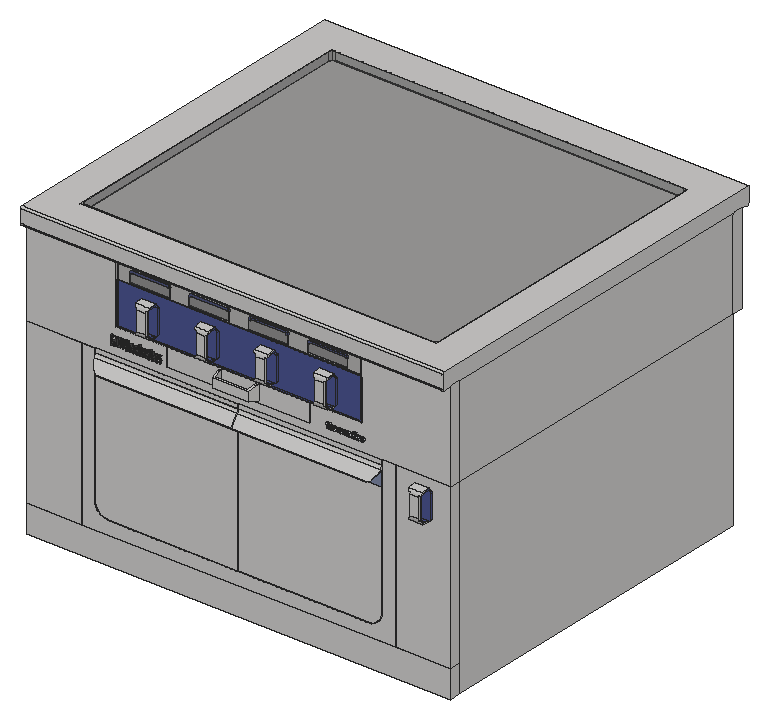
Revit family "QF_ELECTROLUXPROFESSIONAL_589707_MCTHEAJ4AO", category Attrezzature speciali, Revit 2020
Family settings
  Quota connettore circolare = Usa diametro
  Tipo di parte = Normale
  Basato su piano di lavoro = No
  Sempre verticale = Sì
  Taglio con vuoti quando caricato = No
  Condiviso = No
  Punto di calcolo locali = No
Parameters (values of type "Standard")
  Weight = 258.00 kg
  Watts = 18300 W
  Volts = 400 V
  URL Manufacturer = "https://www.electroluxprofessional.com/"
  URL = "https://www.electroluxprofessional.com/"
  Steam Supply Size = 0"
  Steam Supply Minimum Pressure = 0.00 psi
  Steam Supply Maximum Pressure = 0.00 psi
  Steam Consumption per Hour = 0
  Refrigeration Suction Line Size = 0 mm
  Refrigeration Liquid Line Size = 0 mm
  Refrigerant Compressor Remote = yes
  Prospetto di default = 0 mm
  Phase = 3
  Modello = "MCTHEAJ4AO"
  Produttore = "Electrolux Professional"
  Length Actual = 1000 mm  # constant formula
  Item Number = "589707"
  Hot Water Size = 0"
  Height Actual = 700 mm  # constant formula
  HP = "24.5 HP"
  Gas Size = 0"
  Gas KW = 0
  Gas Input Pressure = 0.0 Btu/h
  Direct Waste Size = 0"
  Descrizione = "EL.FREE COOK.WARM.CAB.1S,1000X900X700H"
  Depth Actual = 900 mm  # constant formula
  Cycle = 50 Hz
  Condensate Return Size = 0"
  Compressed Air Volume = 0 GPM
  Compressed Air Size = 0"
  Compressed Air Pressure = 0.00 psi
  Cold Water Size = 0"
  Accessory = yes
Reference planes
  plane 1 "BACK": y = 50
  plane 2: z = 0
  plane 3 "LEFT": x = 0
  plane 4 "RIGHT": x = 1000
  plane 5 "FRONT": y = -850
  plane 6 "TOP": z = 900
  plane 7 "Center (Left/Right)": x = 500
  plane 8: y = -400
  plane 9: z = 200
  plane 10: y = -150
  plane 11 "Panel": y = -805
  plane 12: z = 798
  plane 13: z = 1327
  plane 14: x = 78
  plane 15: x = 922
  plane 16: y = -100
  plane 17: y = -600
  plane 18 "EIx": x = 955
  plane 19 "EIy": y = -635
  plane 20: z = 200
  plane 21 "KnobX": x = 935
Forms (mm)
  Extrusion 1, solid, material "QF_Finishes_Stainless Steel"
    sketch origin (-178.969, -4572, 200) x (-1, 0, 0) y (0, -1, 0)
      loop
        line (-178.969, -4577) -> (-178.969, -3767) -> (-1178.969, -3767) -> (-1178.969, -4577) -> (-178.969, -4577)
    from 450 to 662.969
  Extrusion 2, solid, material "QF_Finishes_Stainless Steel"
    sketch origin (-588.969, -4562, 200) x (-1, 0, 0) y (0, -1, 0)
      loop
        circle (-1543.969, -3927) r 6.35
    from 0 to -11.851
  Extrusion 3, solid, material "QF_Finishes_Stainless Steel"
    sketch origin (500, 296.4, 1219.2) x (0, 1, 0) y (0, 0, 1)
      loop
        line (-246.4, -319.2) -> (-1141.4, -319.2)
        arc (-1141.4, -319.2) -> (-1144.935, -320.664) -> (-1146.4, -324.2) r 5
        line (-1146.4, -324.2) -> (-1146.4, -355.2)
        arc (-1146.4, -355.2) -> (-1144.971, -358.264) -> (-1141.705, -359.139) r 4
        line (-1141.705, -359.139) -> (-1126.4, -356.231) -> (-266.4, -356.231) -> (-251.094, -359.139)
        arc (-251.094, -359.139) -> (-247.829, -358.264) -> (-246.4, -355.2) r 4
        line (-246.4, -355.2) -> (-246.4, -319.2)
    from -500 to 500
  Extrusion 4, solid, material "QF_Finishes_Electrolux_Black Smoke Iluminated"
    sketch origin (0, 0, 900) x (-1, 0, 0) y (0, -1, 0)
      loop
        arc (-90, 30) -> (-82.929, 32.929) -> (-80, 40) r 10
        line (-80, 40) -> (-80, 760)
        arc (-80, 760) -> (-82.929, 767.071) -> (-90, 770) r 10
        line (-90, 770) -> (-911, 770)
        arc (-911, 770) -> (-918.071, 767.071) -> (-921, 760) r 10
        line (-921, 760) -> (-921, 40)
        arc (-921, 40) -> (-918.071, 32.929) -> (-911, 30) r 10
        line (-911, 30) -> (-90, 30)
    from 0 to -20
  Extrusion 5, solid, material "QF_Finishes_Stainless Steel"
    sketch origin (-178.969, -4572, 200) x (-1, 0, 0) y (0, -1, 0)
      loop
        line (-178.969, -4577) -> (-178.969, -3767) -> (-1178.969, -3767) -> (-1178.969, -4577) -> (-178.969, -4577)
    from 450 to 0
  Extrusion 6, void
    sketch origin (0, 0, 900) x (-1, 0, 0) y (0, -1, 0)
      loop
        line (-78, 771) -> (-922, 771) -> (-922, 28) -> (-78, 28) -> (-78, 771)
    from 0 to -25
  Extrusion 7, solid, material "QF_Finishes_Stainless Steel"
    sketch origin (0, 0, 900) x (-1, 0, 0) y (0, -1, 0)
      loop
        arc (-90, 32) -> (-84.343, 34.343) -> (-82, 40) r 8
        line (-82, 40) -> (-82, 760)
        arc (-82, 760) -> (-84.343, 765.657) -> (-90, 768) r 8
        line (-90, 768) -> (-910, 768)
        arc (-910, 768) -> (-915.657, 765.657) -> (-918, 760) r 8
        line (-918, 760) -> (-918, 40)
        arc (-918, 40) -> (-915.657, 34.343) -> (-910, 32) r 8
        line (-910, 32) -> (-90, 32)
    from -20 to -25
  Extrusion 8, solid, material "QF_Finishes_Stainless Steel"
    sketch origin (500, 296.4, 1219.2) x (0, 1, 0) y (0, 0, 1)
      loop
        line (-1101.4, -1019.2) -> (-1101.4, -954.2) -> (-1126.4, -954.2) -> (-1126.4, -1019.2) -> (-1101.4, -1019.2)
    from -500 to 500
  Extrusion 9, solid, material "QF_Finishes_Stainless Steel"
    sketch origin (-40.038, -850, -31.747) x (1, 0, 0) y (0, 0, 1)
      loop
        line (40.038, 681.747) -> (40.038, 296.747) -> (170.038, 296.747) -> (170.038, 681.747) -> (40.038, 681.747)
      loop
        line (1040.038, 681.747) -> (910.038, 681.747) -> (910.038, 296.747) -> (1040.038, 296.747) -> (1040.038, 681.747)
    from -45 to -20
  Extrusion 10, solid, material "QF_Finishes_Stainless Steel"
    sketch origin (-40.038, -850, -31.747) x (1, 0, 0) y (0, 0, 1)
      loop
        line (170.038, 296.747) -> (910.038, 296.747) -> (910.038, 681.747) -> (880.038, 681.747) -> (880.038, 358.747)
        arc (880.038, 358.747) -> (870.665, 336.12) -> (848.038, 326.747) r 32
        line (848.038, 326.747) -> (232.038, 326.747)
        arc (232.038, 326.747) -> (209.41, 336.12) -> (200.038, 358.747) r 32
        line (200.038, 358.747) -> (200.038, 681.747) -> (170.038, 681.747) -> (170.038, 296.747)
    from -45 to -20
  Extrusion 11, solid, material "QF_Finishes_Stainless Steel"
    sketch origin (500, 296.4, 1219.2) x (0, 1, 0) y (0, 0, 1)
      loop
        line (-291.4, -569.2) -> (-266.4, -569.2) -> (-266.4, -356.231) -> (-291.4, -356.231) -> (-291.4, -569.2)
    from 500 to -500
Cuts and joins
  Extrusion 6 cuts Extrusion 3
Lines and regions (mm)
  symbolic lines
    curve 1: line (0, 50, 200) -> (1000, 50, 200)
    curve 2: line (0, -850, 200) -> (0, 50, 200)
    curve 3: line (1000, -850, 200) -> (0, -850, 200)
    curve 4: line (1000, 50, 200) -> (1000, -850, 200)
    curve 5: line (910, -30, 200) -> (90, -30, 200)
    curve 6: line (80, -40, 200) -> (80, -760, 200)
    curve 7: line (90, -770, 200) -> (910, -770, 200)
    curve 8: line (920, -760, 200) -> (920, -40, 200)
    curve 9: arc (90, -30, 200) -> (82.929, -32.929, 200) -> (80, -40, 200) r 10
    curve 10: arc (920, -40, 200) -> (917.071, -32.929, 200) -> (910, -30, 200) r 10
    curve 11: arc (910, -770, 200) -> (917.071, -767.071, 200) -> (920, -760, 200) r 10
    curve 12: arc (80, -760, 200) -> (82.929, -767.071, 200) -> (90, -770, 200) r 10
Dimensions and locks
  plane 3 "LEFT" to plane 4 "RIGHT" = 1000 mm
  plane 5 "FRONT" to plane 1 "BACK" = 900 mm
  plane 3 "LEFT" to plane 7 "Center (Left/Right)" to plane 4 "RIGHT" = 500 mm, 500 mm
  equal spacing: plane 5 "FRONT", plane 8, plane 1 "BACK"
  plane 6 "TOP" to level = 900 mm  (x2)
  plane 9 to level = 200 mm
  plane 1 "BACK" to plane 10 to plane 11 "Panel" = 200 mm, 655 mm  (x2)
  plane 6 "TOP" to plane 9 to level = 700 mm, 200 mm
  plane 1 "BACK" to plane 5 "FRONT" = 900 mm
  plane 1 "BACK" to Extrusion 2 = 685 mm
  plane 12 to plane 9 = 598 mm
  plane 13 to plane 6 "TOP" = 427 mm
  plane 6 "TOP" to plane 12 = 102 mm
  plane 14 to plane 3 "LEFT" = 78 mm
  plane 15 to plane 4 "RIGHT" = 78 mm
  locked: plane 1 "BACK" to plane 16 at 150
  locked: plane 16 to plane 17 at 500
  plane 11 "Panel" to plane 5 "FRONT" = 45 mm
  plane 18 "EIx" to plane 4 "RIGHT" = 45 mm
  plane 19 "EIy" to plane 1 "BACK" = 685 mm
  plane 21 "KnobX" to plane 4 "RIGHT" = 65 mm
  aligned and locked: level to plane 2
  aligned and locked: nested 2 to plane 11 "Panel"
  aligned and locked: plane 3 "LEFT" to nested 2
  aligned and locked: Extrusion 4 sketch curve to curve 5
  aligned and locked: Extrusion 4 sketch curve to curve 7
  aligned and locked: Extrusion 6 sketch curve to plane 14
  aligned and locked: plane 15 to Extrusion 6 sketch curve
Automatic sketch dimensions
  Extrusion 2 sketch curve to plane 18 "EIx" = 0 mm
  Extrusion 2 sketch curve to plane 19 "EIy" = 0 mm
  Extrusion 3 sketch curve to plane 5 "FRONT" = 0 mm
  Extrusion 3 sketch curve to plane 6 "TOP" = 0 mm
  Extrusion 3 sketch curve to plane 1 "BACK" = 0 mm
  Extrusion 3 sketch curve to plane 5 "FRONT" = 4 mm
  Extrusion 3 sketch curve to Extrusion 3 sketch curve = 0.695 mm
  Extrusion 3 sketch curve to plane 5 "FRONT" = 5 mm
  Extrusion 3 sketch curve to Extrusion 3 sketch curve = 15.305 mm
  plane 1 "BACK" to Extrusion 3 sketch curve = 20 mm
  plane 1 "BACK" to Extrusion 3 sketch curve = 4.695 mm
  Extrusion 3 sketch curve to Extrusion 3 sketch curve = 4 mm
  Extrusion 3 sketch curve to Extrusion 3 sketch curve = 31 mm
  Extrusion 3 sketch curve to plane 6 "TOP" = 36 mm
  Extrusion 3 sketch curve to Extrusion 3 sketch curve = 2.909 mm
  plane 15 to Extrusion 4 sketch curve = 1 mm
  Extrusion 4 sketch curve to plane 14 = 2 mm
  plane 15 to Extrusion 4 sketch curve = 11 mm  (x2)
  Extrusion 4 sketch curve to Extrusion 4 sketch curve = 10 mm  (x2)
  Extrusion 6 sketch curve to plane 16 = 72 mm
  plane 11 "Panel" to Extrusion 6 sketch curve = 34 mm
  Extrusion 1 sketch curve to plane 4 "RIGHT" = 0 mm
  Extrusion 1 sketch curve to plane 3 "LEFT" = 0 mm
  Extrusion 1 sketch curve to plane 11 "Panel" = 0 mm
  plane 1 "BACK" to Extrusion 1 sketch curve = 45 mm
  plane 1 "BACK" to curve 1 = 0 mm
  curve 1 to plane 4 "RIGHT" = 0 mm
  plane 15 to curve 8 = 2 mm
  curve 6 to plane 14 = 2 mm
  curve 2 to plane 3 "LEFT" = 0 mm
  plane 5 "FRONT" to curve 3 = 0 mm
  plane 15 to curve 5 = 12 mm
  plane 15 to curve 11 = 12 mm
  curve 5 to plane 14 = 12 mm
  curve 12 to curve 6 = 10 mm
  curve 5 to plane 16 = 70 mm
  plane 17 to curve 11 = 160 mm
  Extrusion 5 sketch curve to plane 4 "RIGHT" = 0 mm
  Extrusion 5 sketch curve to plane 3 "LEFT" = 0 mm
  Extrusion 5 sketch curve to plane 11 "Panel" = 0 mm
  plane 1 "BACK" to Extrusion 5 sketch curve = 45 mm
  Extrusion 8 sketch curve to plane 9 = 0 mm
  Extrusion 8 sketch curve to plane 11 "Panel" = 0 mm
  Extrusion 8 sketch curve to plane 5 "FRONT" = 20 mm
  plane 9 to Extrusion 8 sketch curve = 65 mm
  plane 14 to Extrusion 9 sketch curve = 78 mm
  Extrusion 9 sketch curve to plane 14 = 52 mm
  plane 15 to Extrusion 9 sketch curve = 52 mm
  Extrusion 9 sketch curve to plane 4 "RIGHT" = 0 mm
  plane 9 to Extrusion 9 sketch curve = 65 mm  (x2)
  Extrusion 9 sketch curve to plane 12 = 148 mm  (x2)
  Extrusion 10 sketch curve to plane 14 = 52 mm
  Extrusion 10 sketch curve to Extrusion 10 sketch curve = 30 mm  (x2)
  Extrusion 10 sketch curve to Extrusion 10 sketch curve = 32 mm  (x2)
  plane 15 to Extrusion 10 sketch curve = 114 mm
  plane 15 to Extrusion 10 sketch curve = 52 mm
  plane 9 to Extrusion 10 sketch curve = 65 mm
  Extrusion 10 sketch curve to plane 12 = 148 mm  (x2)
  plane 15 to Extrusion 7 sketch curve = 4 mm
  Extrusion 7 sketch curve to Extrusion 7 sketch curve = 8 mm  (x2)
  Extrusion 7 sketch curve to plane 14 = 12 mm  (x2)
  Extrusion 7 sketch curve to plane 14 = 4 mm
  Extrusion 7 sketch curve to plane 16 = 68 mm
  plane 11 "Panel" to Extrusion 7 sketch curve = 45 mm
  plane 1 "BACK" to Extrusion 11 sketch curve = 45 mm
  plane 1 "BACK" to Extrusion 11 sketch curve = 20 mm
  Extrusion 11 sketch curve to plane 12 = 148 mm
  Extrusion 11 sketch curve to plane 6 "TOP" = 37.031 mm
  radius of Extrusion 2 sketch curve = 6.35 mm
Nested families
  nested 1: "FIT Range Control Handle" at (934.774, -833.137, -372.751), type "FIT Range Control Handle"
  nested 2: "Front_Panel_W1000_Four Knobs" at (202.376, -805, 0), type "Front_Panel_W1000_Four Knobs"
  nested 3: "Warm" at (1000, -800, 0), type "Warm"
  nested 4: "H450H2W1000_2DOOR" at (463.958, -805, 200) x (1, 0, 0) z (0, -1, 0), type "H450H2W1000_2DOOR"
    with Width 680 mm, Wdoor 340 mm, Show Clearance yes
Connectors
  electrical at (955, -635, 188.149)
    settings: on Extrusion 2, index 1, voltage 400 V, apparent load 33000 VA, apparent load phase1 0 VA, apparent load phase2 0 VA, apparent load phase3 0 VA, power factor 1, load classification "Other", number of poles 1, system type 30, power factor state 1, is connector primary yes, connector utility no, sub classification motor no, connector description "ELECTRICAL CONNECTION"
Definition of nested family "FIT Range Control Handle"
  Parameters
    Default Elevation = 0 mm
  Reference planes
    plane 1 "Center (Front/Back)": y = 0
    plane 2: z = 0
    plane 3 "Center (Left/Right)": x = 0
    plane 4: z = 971.092
    plane 5: y = -16.8
  Forms (mm)
    Extrusion 1, solid
      sketch origin (-746.28, 380.497, 208.931) x (-1, 0, 0) y (0, 0, 1)
        loop
          line (-770.101, 786.798) -> (-770.101, 731.649)
          arc (-770.101, 731.649) -> (-769.759, 730.563) -> (-768.855, 729.87) r 1.893
          line (-768.855, 729.87) -> (-763.474, 727.911) -> (-729.81, 727.911) -> (-724.428, 729.87)
          arc (-724.428, 729.87) -> (-723.525, 730.563) -> (-723.183, 731.649) r 1.893
          line (-723.183, 731.649) -> (-723.183, 786.798)
          arc (-723.183, 786.798) -> (-723.529, 787.894) -> (-724.44, 788.593) r 1.91
          line (-724.44, 788.593) -> (-729.683, 790.819) -> (-763.601, 790.819) -> (-768.844, 788.593)
          arc (-768.844, 788.593) -> (-769.755, 787.894) -> (-770.101, 786.798) r 1.91
      from -382.35 to -378.852
    Sweep 2, solid
      path origin (-746.788, 380.496, 208.091) x (0, -1, 0) y (0, 0, 1)
        loop
          line (379.775, 793.281) -> (395.661, 791.048)
          arc (395.661, 791.048) -> (397.781, 787.377) -> (398.517, 783.202) r 12.207
          line (398.517, 783.202) -> (398.517, 737.368)
          arc (398.517, 737.368) -> (397.781, 733.193) -> (395.661, 729.522) r 12.207
          line (395.661, 729.522) -> (379.775, 727.289)
      profile origin (-746.788, -7.222, 1000.256) x (0, -0.139173, 0.990268) y (-1, 0, 0)
        loop
          line (0.782, -763.123) -> (0.782, -730.907) -> (-1.322, -730.907) -> (-1.322, -763.123) -> (0.782, -763.123)
    Sweep 3, solid
      path origin (-746.788, 380.715, 207.832) x (0, -1, 0) y (0, 0, 1)
        loop
          line (380.478, 795.442) -> (397.218, 793.09)
          arc (397.218, 793.09) -> (399.929, 788.473) -> (400.871, 783.202) r 15.207
          line (400.871, 783.202) -> (400.871, 737.584)
          arc (400.871, 737.584) -> (399.914, 732.274) -> (397.164, 727.633) r 15.207
          line (397.164, 727.633) -> (380.601, 725.305)
      profile origin (-746.788, -8.132, 1002.099) x (0, -0.139173, 0.990268) y (-1, 0, 0)
        loop
          line (0.782, -763.123) -> (0.782, -730.907) -> (-1.322, -730.907) -> (-1.322, -763.123) -> (0.782, -763.123)
    Extrusion 4, void
      sketch origin (889.253, 220.666, 207.993) x (1, 0, 0) y (0, 0, 1)
        loop
          line (-943.038, 816.854) -> (-943.038, 703.686) -> (-899.466, 734.196) -> (-899.466, 786.344) -> (-943.038, 816.854)
      from 230.636 to 242.25
    Extrusion 5, void
      sketch origin (-888.8, 220.666, 207.993) x (-1, 0, 0) y (0, 0, -1)
        loop
          line (-943.038, -816.854) -> (-899.466, -786.344) -> (-899.466, -734.196) -> (-943.038, -703.686) -> (-943.038, -816.854)
      from 230.636 to 242.25
    Extrusion 6, solid
      sketch origin (0, 0, 0) x (1, 0, 0) y (0, 0, 1)
        loop
          circle (0, 971.092) r 7.736
      from -3.137 to -1.645
  Cuts and joins
    Extrusion 4, Extrusion 5 cuts Sweep 3
    Extrusion 4, Extrusion 5 cuts Sweep 2
    joined: Extrusion 1, Extrusion 6
  Lines and regions (mm)
    symbolic lines
      curve 1: line (-15.881, -19.189, 0) -> (-15.881, -16.8, 0)
      curve 2: line (16.334, -19.189, 0) -> (16.334, -16.8, 0)
      curve 3: spline (-15.881, -19.189, 0) -> (-15.417, -19.349, 0) -> (-14.951, -19.501, 0) -> (-14.483, -19.646, 0) -> (-14.014, -19.783, 0) -> (-13.543, -19.912, 0) -> (-13.071, -20.033, 0) -> (-12.597, -20.146, 0) -> (-12.122, -20.251, 0) -> (-11.646, -20.349, 0) -> (-11.169, -20.438, 0) -> (-10.691, -20.52, 0) -> (-10.213, -20.593, 0)
      curve 4: spline (10.666, -20.593, 0) -> (11.144, -20.52, 0) -> (11.622, -20.438, 0) -> (12.099, -20.349, 0) -> (12.575, -20.251, 0) -> (13.05, -20.146, 0) -> (13.524, -20.033, 0) -> (13.996, -19.912, 0) -> (14.467, -19.783, 0) -> (14.936, -19.646, 0) -> (15.404, -19.501, 0) -> (15.87, -19.349, 0) -> (16.334, -19.189, 0)
      curve 5: line (-10.213, -20.938, 0) -> (10.716, -20.938, 0)
  Dimensions and locks
    cut or joined group of Sweep 3, Extrusion 4, Extrusion 5 to cut or joined group of Sweep 3, Extrusion 4, Extrusion 5 = 71.686 mm
Definition of nested family "Front_Panel_W1000_Four Knobs"
  Parameters
    Default Elevation = 0 mm
  Reference planes
    plane 1 "Center (Front/Back)": y = 0
    plane 2: z = 0
    plane 3 "Center (Left/Right)": x = 297.624
    plane 4 "Left": x = -202.376
    plane 5 "Right": x = 797.624
    plane 6: y = -45
    plane 7: x = 87.624
    plane 8: x = 227.624
    plane 9: y = -310
    plane 10: y = -25
    plane 11: x = -2.376
    plane 12: x = 367.624
    plane 13: x = 507.624
    plane 14: x = 594.715
  Forms (mm)
    Extrusion 1, solid
      sketch origin (833.217, 829.203, -1.25) x (0, 1, 0) y (0, 0, 1)
        loop
          line (-854.203, 651.25) -> (-829.203, 651.25) -> (-829.203, 864.25) -> (-854.203, 864.25) -> (-854.203, 651.25)
      from -1035.593 to -35.593
    Extrusion 2, void
      sketch origin (0, 0, 0) x (1, 0, 0) y (0, 0, 1)
        loop
          line (7.624, 853.866) -> (7.624, 711.866) -> (587.624, 711.866) -> (587.624, 853.866) -> (7.624, 853.866)
      from 19.387 to 33.951
    Extrusion 3, void
      sketch origin (0, 0, 0) x (1, 0, 0) y (0, 0, 1)
        loop
          line (128.624, 711.866) -> (128.624, 668.866) -> (466.624, 668.866) -> (466.624, 711.866) -> (128.624, 711.866)
      from 19.387 to 25
    Extrusion 4, solid
      sketch origin (150, 0, 1) x (1, 0, 0) y (0, 0, 1)
        loop
          line (-21.376, 710.866) -> (-21.376, 667.866) -> (316.624, 667.866) -> (316.624, 710.866) -> (-21.376, 710.866)
      from 19.387 to 25
    Extrusion 5, solid
      sketch origin (150, 0, 1) x (1, 0, 0) y (0, 1, 0)
        loop
          line (106.059, -25) -> (100.966, -25) -> (105.646, -49.075) -> (189.603, -49.075) -> (194.283, -25) -> (189.189, -25) -> (185.481, -44.075) -> (109.767, -44.075) -> (106.059, -25)
      from 672.593 to 705.67
    Extrusion 6, void
      sketch origin (297.624, 0, 1) x (0, 1, 0) y (0, 0, 1)
        loop
          line (-30, 705.67) -> (-30, 710.67) -> (-56.744, 710.67) -> (-56.744, 667.593) -> (-30, 667.593) -> (-30, 672.593) -> (-53.776, 680.318) -> (-53.776, 697.945) -> (-30, 705.67)
      from -50 to 50
    Extrusion 7, solid, detail levels coarse
      sketch origin (150, -265, 1) x (1, 0, 0) y (0, 1, 0)
        loop
          line (106.164, -71.744) -> (189.084, -71.744) -> (194.283, -45) -> (316.624, -45) -> (316.624, 240) -> (-21.376, 240) -> (-21.376, -45) -> (100.966, -45) -> (106.164, -71.744)
      from 672.593 to 705.67
    Extrusion 8, void
      sketch origin (297.624, -280, 1) x (0, 1, 0) y (0, 0, 1)
        loop
          line (-30, 705.67) -> (-30, 710.67) -> (-56.744, 710.67) -> (-56.744, 667.593) -> (-30, 667.593) -> (-30, 672.593) -> (-53.776, 680.318) -> (-53.776, 697.945) -> (-30, 705.67)
      from -50 to 50
  Cuts and joins
    Extrusion 2, Extrusion 3 cuts Extrusion 1
    Extrusion 6 cuts Extrusion 5
    Extrusion 6, Extrusion 8 cuts Extrusion 7
  Lines and regions (mm)
    symbolic lines
      curve 1: line (128.624, -45, 0) -> (128.624, -310, 0)
      curve 2: line (128.624, -310, 0) -> (466.624, -310, 0)
      curve 3: line (466.624, -310, 0) -> (466.624, -45, 0)
      curve 4: line (128.624, -300, 0) -> (466.624, -300, 0)
      curve 5: line (250.908, -309.701, 0) -> (255.587, -333.776, 0)
      curve 6: line (255.587, -333.776, 0) -> (339.545, -333.776, 0)
      curve 7: line (339.545, -333.776, 0) -> (344.225, -309.701, 0)
      curve 8: line (256.001, -309.701, 0) -> (259.709, -328.776, 0)
      curve 9: line (259.709, -328.776, 0) -> (335.423, -328.776, 0)
      curve 10: line (335.423, -328.776, 0) -> (339.131, -309.701, 0)
  Dimensions and locks
    equal spacing: plane 5 "Right", plane 3 "Center (Left/Right)", plane 4 "Left"
    plane 5 "Right" to plane 4 "Left" = 1000 mm
    plane 3 "Center (Left/Right)" to plane 7 = 210 mm
    plane 3 "Center (Left/Right)" to plane 8 = 70 mm
    plane 6 to plane 9 = 265 mm
    plane 13 to plane 3 "Center (Left/Right)" = 210 mm
    plane 12 to plane 3 "Center (Left/Right)" = 70 mm
    aligned and locked: cut or joined group of Extrusion 1, Extrusion 2, Extrusion 3 to plane 4 "Left"
    aligned and locked: plane 5 "Right" to cut or joined group of Extrusion 1, Extrusion 2, Extrusion 3
    aligned and locked: plane 3 "Center (Left/Right)" to nested 2
    aligned and locked: cut or joined group of Extrusion 1, Extrusion 2, Extrusion 3 to nested 2
  Automatic sketch dimensions
    plane 7 to Extrusion 3 sketch curve = 41 mm
    plane 3 "Center (Left/Right)" to Extrusion 3 sketch curve = 169 mm
    level to Extrusion 3 sketch curve = 668.866 mm
    Extrusion 3 sketch curve to Extrusion 3 sketch curve = 43 mm
    Extrusion 1 sketch curve to plane 1 "Center (Front/Back)" = 0 mm
    level to Extrusion 1 sketch curve = 650 mm
    plane 4 "Left" to Extrusion 2 sketch curve = 210 mm
    Extrusion 2 sketch curve to plane 5 "Right" = 210 mm
    level to Extrusion 2 sketch curve = 711.866 mm
    Extrusion 2 sketch curve to Extrusion 2 sketch curve = 142 mm
    plane 6 to curve 1 = 0 mm
    plane 6 to curve 3 = 0 mm
    plane 9 to curve 1 = 0 mm
    plane 7 to curve 1 = 41 mm
    curve 1 to curve 4 = 10 mm
    Extrusion 1 sketch curve to plane 6 = 20 mm
    Extrusion 1 sketch curve to Extrusion 1 sketch curve = 213 mm
    plane 7 to Extrusion 4 sketch curve = 41 mm
    Extrusion 4 sketch curve to plane 13 = 41 mm
    level to Extrusion 4 sketch curve = 668.866 mm
    Extrusion 4 sketch curve to Extrusion 4 sketch curve = 43 mm
    plane 10 to Extrusion 5 sketch curve = 0 mm  (x2)
    plane 8 to Extrusion 5 sketch curve = 23.342 mm
    plane 6 to Extrusion 5 sketch curve = 4.075 mm
    Extrusion 5 sketch curve to Extrusion 5 sketch curve = 4.68 mm
    Extrusion 5 sketch curve to Extrusion 5 sketch curve = 5.094 mm  (x2)
    Extrusion 5 sketch curve to plane 6 = 0.925 mm
    Extrusion 5 sketch curve to Extrusion 5 sketch curve = 4.122 mm  (x2)
    Extrusion 5 sketch curve to plane 12 = 32.143 mm
    Extrusion 5 sketch curve to Extrusion 5 sketch curve = 3.708 mm
    plane 6 to Extrusion 6 sketch curve = 11.744 mm
    plane 6 to Extrusion 6 sketch curve = 8.776 mm
    plane 10 to Extrusion 6 sketch curve = 5 mm  (x2)
    level to Extrusion 6 sketch curve = 668.593 mm
    Extrusion 6 sketch curve to Extrusion 6 sketch curve = 5 mm
    Extrusion 6 sketch curve to Extrusion 6 sketch curve = 12.725 mm  (x2)
    Extrusion 6 sketch curve to Extrusion 6 sketch curve = 17.627 mm
    Extrusion 6 sketch curve to Extrusion 6 sketch curve = 7.725 mm
    plane 10 to Extrusion 7 sketch curve = 0 mm
    Extrusion 7 sketch curve to plane 9 = 0 mm  (x2)
    plane 7 to Extrusion 7 sketch curve = 41 mm
    plane 8 to Extrusion 7 sketch curve = 23.342 mm
    Extrusion 7 sketch curve to Extrusion 7 sketch curve = 5.199 mm
    Extrusion 7 sketch curve to plane 12 = 28.54 mm
    Extrusion 7 sketch curve to plane 12 = 23.342 mm
    Extrusion 7 sketch curve to plane 13 = 41 mm
    Extrusion 7 sketch curve to plane 9 = 26.744 mm
    Extrusion 8 sketch curve to plane 9 = 0 mm  (x2)
    Extrusion 8 sketch curve to plane 9 = 23.776 mm
    Extrusion 8 sketch curve to Extrusion 8 sketch curve = 2.968 mm
    level to Extrusion 8 sketch curve = 668.593 mm
    Extrusion 8 sketch curve to Extrusion 8 sketch curve = 5 mm
    Extrusion 8 sketch curve to Extrusion 8 sketch curve = 12.725 mm  (x2)
    Extrusion 8 sketch curve to Extrusion 8 sketch curve = 17.627 mm
    Extrusion 8 sketch curve to Extrusion 8 sketch curve = 7.725 mm
    curve 3 to plane 13 = 41 mm
    plane 9 to curve 5 = 0.299 mm
    plane 8 to curve 5 = 23.283 mm
    curve 5 to curve 5 = 4.68 mm
    plane 9 to curve 8 = 0.299 mm
    curve 5 to curve 8 = 5.094 mm
    curve 5 to curve 9 = 4.122 mm
    curve 9 to plane 12 = 32.201 mm
    plane 9 to curve 10 = 0.299 mm
    curve 9 to curve 10 = 3.708 mm
    curve 9 to curve 7 = 4.122 mm
    plane 9 to curve 7 = 0.299 mm
    curve 10 to curve 7 = 5.094 mm
    curve 9 to plane 9 = 18.776 mm
    curve 6 to curve 8 = 5 mm
  Nested families
    nested 1: "Range Control Handle" at (87.624, -28.137, -209.113) x (-1, 0, 0) z (0, 0, 1), type "Range Control Handle"
    nested 2: "Front glass control panel W1000" at (297.624, 280.644, 2.752), type "Front glass control panel W1000"
    nested 3: "Range Control Handle" at (227.624, -28.137, -209.113) x (-1, 0, 0) z (0, 0, 1), type "Range Control Handle"
    nested 4: "Range Control Handle" at (367.624, -28.137, -209.113), type "Range Control Handle"
    nested 5: "Range Control Handle" at (507.624, -28.137, -209.113), type "Range Control Handle"
    nested 6: "ELX_ThermaLine_Small" at (546.122, -25, 679.426) x (1, 0, 0) z (0, -1, 0), type "ELX_ThermaLine_Small"
      with Show Logo yes, Material_Logo none
    nested 7: "ELX_Professional_Logo_Small" at (57.11, -25, 681.659) x (1, 0, 0) z (0, -1, 0), type "ELX_Professional_Logo_Small"
      with Show Logo yes, Material_Logo none
  Definition of nested family "Range Control Handle"
    Parameters
      Default Elevation = 0 mm
    Reference planes
      plane 1 "Center (Front/Back)": y = 0
      plane 2: z = 0
      plane 3 "Center (Left/Right)": x = 0
      plane 4: z = 971.092
      plane 5: y = -16.9
    Forms (mm)
      Extrusion 1, solid
        sketch origin (-746.28, 380.497, 208.931) x (-1, 0, 0) y (0, 0, 1)
          loop
            line (-770.101, 786.798) -> (-770.101, 731.649)
            arc (-770.101, 731.649) -> (-769.759, 730.563) -> (-768.855, 729.87) r 1.893
            line (-768.855, 729.87) -> (-763.474, 727.911) -> (-729.81, 727.911) -> (-724.428, 729.87)
            arc (-724.428, 729.87) -> (-723.525, 730.563) -> (-723.183, 731.649) r 1.893
            line (-723.183, 731.649) -> (-723.183, 786.798)
            arc (-723.183, 786.798) -> (-723.529, 787.894) -> (-724.44, 788.593) r 1.91
            line (-724.44, 788.593) -> (-729.683, 790.819) -> (-763.601, 790.819) -> (-768.844, 788.593)
            arc (-768.844, 788.593) -> (-769.755, 787.894) -> (-770.101, 786.798) r 1.91
        from -382.35 to -378.852
      Sweep 2, solid
        path origin (-746.788, 380.496, 208.091) x (0, -1, 0) y (0, 0, 1)
          loop
            line (379.775, 793.281) -> (395.661, 791.048)
            arc (395.661, 791.048) -> (397.781, 787.377) -> (398.517, 783.202) r 12.207
            line (398.517, 783.202) -> (398.517, 737.368)
            arc (398.517, 737.368) -> (397.781, 733.193) -> (395.661, 729.522) r 12.207
            line (395.661, 729.522) -> (379.775, 727.289)
        profile origin (-746.788, -7.222, 1000.256) x (0, -0.139173, 0.990268) y (-1, 0, 0)
          loop
            line (0.782, -763.123) -> (0.782, -730.907) -> (-1.322, -730.907) -> (-1.322, -763.123) -> (0.782, -763.123)
      Sweep 3, solid
        path origin (-746.788, 380.715, 207.832) x (0, -1, 0) y (0, 0, 1)
          loop
            line (380.478, 795.442) -> (397.218, 793.09)
            arc (397.218, 793.09) -> (399.929, 788.473) -> (400.871, 783.202) r 15.207
            line (400.871, 783.202) -> (400.871, 737.584)
            arc (400.871, 737.584) -> (399.914, 732.274) -> (397.164, 727.633) r 15.207
            line (397.164, 727.633) -> (380.601, 725.305)
        profile origin (-746.788, -8.132, 1002.099) x (0, -0.139173, 0.990268) y (-1, 0, 0)
          loop
            line (0.782, -763.123) -> (0.782, -730.907) -> (-1.322, -730.907) -> (-1.322, -763.123) -> (0.782, -763.123)
      Extrusion 4, void
        sketch origin (889.253, 220.666, 207.993) x (1, 0, 0) y (0, 0, 1)
          loop
            line (-943.038, 816.854) -> (-943.038, 703.686) -> (-899.466, 734.196) -> (-899.466, 786.344) -> (-943.038, 816.854)
        from 230.636 to 242.25
      Extrusion 5, void
        sketch origin (-888.8, 220.666, 207.993) x (-1, 0, 0) y (0, 0, -1)
          loop
            line (-943.038, -816.854) -> (-899.466, -786.344) -> (-899.466, -734.196) -> (-943.038, -703.686) -> (-943.038, -816.854)
        from 230.636 to 242.25
      Extrusion 6, solid
        sketch origin (0, 0, 0) x (1, 0, 0) y (0, 0, 1)
          loop
            circle (0, 971.092) r 7.736
        from -3.137 to -1.645
    Cuts and joins
      Extrusion 4, Extrusion 5 cuts Sweep 3
      Extrusion 4, Extrusion 5 cuts Sweep 2
      joined: Extrusion 1, Extrusion 6
    Lines and regions (mm)
      symbolic lines
        curve 1: line (16.334, -16.9, 0) -> (16.334, -19.227, 0)
        curve 2: spline (16.334, -19.227, 0) -> (15.87, -19.385, 0) -> (15.404, -19.536, 0) -> (14.936, -19.678, 0) -> (14.466, -19.813, 0) -> (13.995, -19.94, 0) -> (13.523, -20.059, 0) -> (13.049, -20.171, 0) -> (12.575, -20.274, 0) -> (12.099, -20.37, 0) -> (11.622, -20.458, 0) -> (11.144, -20.537, 0) -> (10.666, -20.609, 0)
        curve 3: line (10.666, -16.9, 0) -> (10.666, -20.938, 0)
        curve 4: line (-10.213, -20.938, 0) -> (10.666, -20.938, 0)
        curve 5: line (-10.213, -20.938, 0) -> (-10.213, -16.9, 0)
        curve 6: spline (-10.213, -20.609, 0) -> (-10.691, -20.537, 0) -> (-11.169, -20.458, 0) -> (-11.646, -20.37, 0) -> (-12.122, -20.274, 0) -> (-12.597, -20.171, 0) -> (-13.07, -20.059, 0) -> (-13.542, -19.94, 0) -> (-14.013, -19.813, 0) -> (-14.483, -19.678, 0) -> (-14.951, -19.536, 0) -> (-15.417, -19.385, 0) -> (-15.881, -19.227, 0)
        curve 7: line (-15.881, -19.227, 0) -> (-15.881, -16.9, 0)
  Definition of nested family "Front glass control panel W1000"
    Parameters
      Default Elevation = 0 mm
    Reference planes
      plane 1 "Center (Front/Back)": y = 0
      plane 2: z = 0
      plane 3 "Center (Left/Right)": x = 0
    Forms (mm)
      Extrusion 1, solid
        sketch origin (378.286, 0, 0.617) x (1, 0, 0) y (0, 0, 1)
          loop
            line (-668.286, 806.791) -> (-668.286, 708.497) -> (-88.286, 708.497) -> (-88.286, 806.791) -> (-668.286, 806.791)
        from 300.031 to 304.8
      Extrusion 2, solid
        sketch origin (378.286, 0, 0.617) x (1, 0, 0) y (0, 0, 1)
          loop
            line (-668.286, 850.497) -> (-668.286, 806.791) -> (-88.286, 806.791) -> (-88.286, 850.497) -> (-668.286, 850.497)
        from 300.031 to 304.8
      Extrusion 3, void
        sketch origin (378.286, 0, 0.617) x (1, 0, 0) y (0, 0, 1)
          loop
            line (-665.628, 847.565) -> (-665.628, 710.699) -> (-91.196, 710.699) -> (-91.196, 847.565) -> (-665.628, 847.565)
        from 303.697 to 304.8
      Extrusion 4, solid
        sketch origin (-378.333, 1.101, -0.633) x (-1, 0, 0) y (0, 0, -1)
          loop
            line (-261.431, -812.62) -> (-355.186, -812.62) -> (-355.186, -834.177) -> (-350.269, -834.177) -> (-348.469, -835.977) -> (-268.039, -835.977) -> (-266.24, -834.177) -> (-261.431, -834.177) -> (-261.431, -812.62)
        from 304.798 to 306.745
      Extrusion 5, solid
        sketch origin (-378.333, 1.101, -0.633) x (-1, 0, 0) y (0, 0, -1)
          loop
            line (-350.269, -834.177) -> (-355.078, -834.177)
            arc (-355.078, -834.177) -> (-353.942, -838.747) -> (-349.686, -840.763) r 5.5
            line (-349.686, -840.763) -> (-266.98, -840.763)
            arc (-266.98, -840.763) -> (-262.706, -838.752) -> (-261.529, -834.177) r 5.549
            line (-261.529, -834.177) -> (-266.24, -834.177) -> (-268.039, -835.977) -> (-348.469, -835.977) -> (-350.269, -834.177)
        from 304.798 to 306.745
      Extrusion 6, solid
        sketch origin (-518.333, 1.101, -0.633) x (-1, 0, 0) y (0, 0, -1)
          loop
            line (-261.431, -812.62) -> (-355.186, -812.62) -> (-355.186, -834.177) -> (-350.269, -834.177) -> (-348.469, -835.977) -> (-268.039, -835.977) -> (-266.24, -834.177) -> (-261.431, -834.177) -> (-261.431, -812.62)
        from 304.798 to 306.745
      Extrusion 7, solid
        sketch origin (-518.333, 1.101, -0.633) x (-1, 0, 0) y (0, 0, -1)
          loop
            line (-350.269, -834.177) -> (-355.078, -834.177)
            arc (-355.078, -834.177) -> (-353.942, -838.747) -> (-349.686, -840.763) r 5.5
            line (-349.686, -840.763) -> (-266.98, -840.763)
            arc (-266.98, -840.763) -> (-262.706, -838.752) -> (-261.529, -834.177) r 5.549
            line (-261.529, -834.177) -> (-266.24, -834.177) -> (-268.039, -835.977) -> (-348.469, -835.977) -> (-350.269, -834.177)
        from 304.798 to 306.745
      Extrusion 8, solid
        sketch origin (378.333, 1.101, -0.633) x (1, 0, 0) y (0, 0, 1)
          loop
            line (-261.431, 812.62) -> (-261.431, 834.177) -> (-266.24, 834.177) -> (-268.039, 835.977) -> (-348.469, 835.977) -> (-350.269, 834.177) -> (-355.186, 834.177) -> (-355.186, 812.62) -> (-261.431, 812.62)
        from 304.798 to 306.745
      Extrusion 9, solid
        sketch origin (378.333, 1.101, -0.633) x (1, 0, 0) y (0, 0, 1)
          loop
            line (-350.269, 834.177) -> (-348.469, 835.977) -> (-268.039, 835.977) -> (-266.24, 834.177) -> (-261.529, 834.177)
            arc (-261.529, 834.177) -> (-262.706, 838.752) -> (-266.98, 840.763) r 5.549
            line (-266.98, 840.763) -> (-349.686, 840.763)
            arc (-349.686, 840.763) -> (-353.942, 838.747) -> (-355.078, 834.177) r 5.5
            line (-355.078, 834.177) -> (-350.269, 834.177)
        from 304.798 to 306.745
      Extrusion 10, solid
        sketch origin (518.333, 1.101, -0.633) x (1, 0, 0) y (0, 0, 1)
          loop
            line (-261.431, 812.62) -> (-261.431, 834.177) -> (-266.24, 834.177) -> (-268.039, 835.977) -> (-348.469, 835.977) -> (-350.269, 834.177) -> (-355.186, 834.177) -> (-355.186, 812.62) -> (-261.431, 812.62)
        from 304.798 to 306.745
      Extrusion 11, solid
        sketch origin (518.333, 1.101, -0.633) x (1, 0, 0) y (0, 0, 1)
          loop
            line (-350.269, 834.177) -> (-348.469, 835.977) -> (-268.039, 835.977) -> (-266.24, 834.177) -> (-261.529, 834.177)
            arc (-261.529, 834.177) -> (-262.706, 838.752) -> (-266.98, 840.763) r 5.549
            line (-266.98, 840.763) -> (-349.686, 840.763)
            arc (-349.686, 840.763) -> (-353.942, 838.747) -> (-355.078, 834.177) r 5.5
            line (-355.078, 834.177) -> (-350.269, 834.177)
        from 304.798 to 306.745
    Cuts and joins
      Extrusion 3 cuts Extrusion 1
      Extrusion 3 cuts Extrusion 2
    Dimensions and locks
      aligned and locked: Extrusion 1 to Extrusion 2
      aligned and locked: Extrusion 5 sketch curve to Extrusion 4  (x5)
      aligned and locked: Extrusion 5 to Extrusion 4
      aligned and locked: Extrusion 7 sketch curve to Extrusion 6  (x5)
      aligned and locked: Extrusion 7 to Extrusion 6
      aligned and locked: Extrusion 9 sketch curve to Extrusion 8  (x4)
      aligned and locked: Extrusion 8 to Extrusion 9 sketch curve
      aligned and locked: Extrusion 9 to Extrusion 8
      aligned and locked: Extrusion 11 sketch curve to Extrusion 10  (x4)
      aligned and locked: Extrusion 10 to Extrusion 11 sketch curve
      aligned and locked: Extrusion 11 to Extrusion 10
  Definition of nested family "ELX_ThermaLine_Small"
    Parameters
      Show Logo [instance] = yes
      Material_Logo [instance] = none
      Default Elevation = 0 mm
    Reference planes
      plane 1 "Centro (Fronte/Retro)": y = 0
      plane 2: z = 0
      plane 3 "Centro (Sinistra/Destra)": x = 0
    Forms (mm)
      Extrusion 1, solid
        sketch origin (0, 0, 0) x (1, 0, 0) y (0, 1, 0)
          loop
            line (-1219.2, 1219.2) -> (-1219.2, -1219.2) -> (1219.2, -1219.2) -> (1219.2, 1219.2) -> (-1219.2, 1219.2)
        from 0 to -304.8
      Extrusion 2, solid
        sketch origin (0, 0, 0) x (1, 0, 0) y (0, 1, 0)
          loop
            line (-37.494, 1.229) -> (-35.908, 1.229) -> (-35.908, 3.066) -> (-37.494, 3.066) -> (-37.494, 6.221) -> (-39.867, 4.881) -> (-39.867, 3.066) -> (-40.969, 3.066) -> (-40.969, 1.229) -> (-39.867, 1.229) -> (-39.867, -3.407)
            arc (-39.867, -3.407) -> (-38.982, -5.513) -> (-36.751, -6.001) r 2.478
            line (-36.751, -6.001) -> (-35.638, -5.7) -> (-35.9, -3.835) -> (-36.661, -4.039)
            arc (-36.661, -4.039) -> (-37.236, -3.924) -> (-37.494, -3.399) r 0.662
            line (-37.494, -3.399) -> (-37.494, 1.229)
          loop
            line (-34.242, 6.539) -> (-34.242, -5.848) -> (-31.854, -5.848) -> (-31.854, -0.078)
            arc (-31.854, -0.078) -> (-30.939, 1.249) -> (-29.33, 1.367) r 1.866
            arc (-29.33, 1.367) -> (-28.695, 0.768) -> (-28.461, -0.073) r 1.627
            line (-28.461, -0.073) -> (-28.461, -5.848) -> (-26.086, -5.848) -> (-26.064, -0.46)
            arc (-26.064, -0.46) -> (-26.261, 0.932) -> (-26.786, 2.237) r 5.825
            arc (-26.786, 2.237) -> (-29.381, 3.264) -> (-31.854, 1.971) r 3.353
            line (-31.854, 1.971) -> (-31.854, 6.539) -> (-34.242, 6.539)
          loop
            arc (-18.398, -0.598) -> (-18.893, 0.879) -> (-20.326, 1.487) r 1.897
            arc (-20.326, 1.487) -> (-21.461, 0.708) -> (-21.897, -0.598) r 2.164
            line (-21.897, -0.598) -> (-18.398, -0.598)
          loop
            arc (-16.021, -2.044) -> (-16.754, 1.227) -> (-19.444, 3.226) r 4.814
            arc (-19.444, 3.226) -> (-22.137, 2.788) -> (-23.943, 0.743) r 4.054
            arc (-23.943, 0.743) -> (-24.382, -1.249) -> (-24.162, -3.276) r 6.289
            arc (-24.162, -3.276) -> (-23.302, -4.71) -> (-21.958, -5.705) r 4.28
            arc (-21.958, -5.705) -> (-18.558, -5.814) -> (-16.152, -3.409) r 4.28
            line (-16.152, -3.409) -> (-18.5, -2.995)
            arc (-18.5, -2.995) -> (-19.273, -3.994) -> (-20.533, -4.076) r 1.536
            arc (-20.533, -4.076) -> (-21.56, -3.281) -> (-21.958, -2.044) r 2.197
            line (-21.958, -2.044) -> (-16.021, -2.044)
          loop
            line (-14.165, -5.848) -> (-11.819, -5.848) -> (-11.819, -2.138)
            arc (-11.819, -2.138) -> (-11.787, -1.156) -> (-11.637, -0.185) r 8.18
            arc (-11.637, -0.185) -> (-10.644, 0.972) -> (-9.132, 0.776) r 1.603
            line (-9.132, 0.776) -> (-8.419, 2.846)
            arc (-8.419, 2.846) -> (-10.432, 3.118) -> (-11.994, 1.821) r 2.527
            line (-11.994, 1.821) -> (-11.994, 3.094) -> (-14.165, 3.094) -> (-14.165, -5.848)
          loop
            line (-7.579, 3.094) -> (-7.579, -5.848) -> (-5.178, -5.848) -> (-5.178, -0.756)
            arc (-5.178, -0.756) -> (-4.727, 0.679) -> (-3.417, 1.419) r 2.05
            arc (-3.417, 1.419) -> (-2.499, 0.908) -> (-2.155, -0.085) r 1.471
            line (-2.155, -0.085) -> (-2.155, -5.848) -> (0.23, -5.848) -> (0.23, -1.001)
            arc (0.23, -1.001) -> (0.47, 0.127) -> (1.148, 1.061) r 2.775
            arc (1.148, 1.061) -> (2.225, 1.329) -> (3.05, 0.587) r 1.182
            arc (3.05, 0.587) -> (3.199, -0.019) -> (3.214, -0.642) r 2.894
            line (3.214, -0.642) -> (3.214, -5.848) -> (5.601, -5.848) -> (5.601, 0.261)
            arc (5.601, 0.261) -> (4.87, 2.263) -> (2.976, 3.241) r 2.932
            arc (2.976, 3.241) -> (1.284, 2.973) -> (-0.047, 1.896) r 3.309
            arc (-0.047, 1.896) -> (-1.116, 2.865) -> (-2.506, 3.258) r 3.16
            arc (-2.506, 3.258) -> (-4.105, 2.942) -> (-5.376, 1.92) r 3.419
            line (-5.376, 1.92) -> (-5.376, 3.094) -> (-7.579, 3.094)
          loop
            line (7.583, 0.738) -> (9.702, 0.364)
            arc (9.702, 0.364) -> (11.441, 1.492) -> (12.855, -0.023) r 1.613
            line (12.855, -0.023) -> (9.782, -0.789)
            arc (9.782, -0.789) -> (8.559, -1.346) -> (7.617, -2.305) r 3.687
            arc (7.617, -2.305) -> (7.499, -3.681) -> (7.901, -5.003) r 3.651
            arc (7.901, -5.003) -> (9.107, -5.766) -> (10.515, -6.006) r 3.635
            arc (10.515, -6.006) -> (11.898, -5.697) -> (13.067, -4.895) r 3.734
            line (13.067, -4.895) -> (13.376, -5.848) -> (15.75, -5.848) -> (15.212, -4.193) -> (15.212, 0.38)
            arc (15.212, 0.38) -> (14.897, 1.849) -> (13.818, 2.895) r 2.585
            arc (13.818, 2.895) -> (11.792, 3.442) -> (9.719, 3.11) r 5.005
            arc (9.719, 3.11) -> (8.369, 2.178) -> (7.583, 0.738) r 3.54
          loop
            line (19.723, -5.848) -> (22.233, -5.848) -> (24.854, 6.484) -> (22.345, 6.484) -> (19.723, -5.848)
          loop
            line (24.583, -5.848) -> (26.953, -5.848) -> (28.848, 3.066) -> (26.478, 3.066) -> (24.583, -5.848)
          loop
            line (27.204, 6.484) -> (26.741, 4.305) -> (29.111, 4.305) -> (29.575, 6.484) -> (27.204, 6.484)
          loop
            line (29.355, -5.848) -> (31.849, -5.848) -> (33.098, 0.028)
            arc (33.098, 0.028) -> (34.169, 1.306) -> (35.832, 1.422) r 2.132
            arc (35.832, 1.422) -> (36.324, 0.752) -> (36.383, -0.078) r 1.5
            line (36.383, -0.078) -> (35.157, -5.848) -> (37.536, -5.848) -> (38.936, 0.738)
            arc (38.936, 0.738) -> (38.775, 2.091) -> (37.825, 3.066) r 2.118
            arc (37.825, 3.066) -> (35.392, 3.175) -> (33.295, 1.937) r 4.271
            line (33.295, 1.937) -> (33.535, 3.066) -> (31.25, 3.066) -> (29.355, -5.848)
          loop
            line (42.792, -0.64) -> (46.589, -0.64)
            arc (46.589, -0.64) -> (46.639, 0.124) -> (46.327, 0.823) r 1.589
            arc (46.327, 0.823) -> (45.117, 1.521) -> (43.762, 1.183) r 1.865
            arc (43.762, 1.183) -> (43.141, 0.344) -> (42.792, -0.64) r 3.538
          loop
            line (42.565, -2.138) -> (48.593, -2.138)
            arc (48.593, -2.138) -> (48.58, 0.597) -> (46.983, 2.818) r 4.494
            arc (46.983, 2.818) -> (44.191, 3.28) -> (41.725, 1.891) r 4.26
            arc (41.725, 1.891) -> (40.503, -0.3) -> (40.284, -2.799) r 6.003
            arc (40.284, -2.799) -> (40.959, -4.468) -> (42.377, -5.576) r 3.482
            arc (42.377, -5.576) -> (44.265, -5.961) -> (46.152, -5.576) r 4.823
            arc (46.152, -5.576) -> (47.432, -4.731) -> (48.328, -3.485) r 4.245
            line (48.328, -3.485) -> (46.168, -3.105)
            arc (46.168, -3.105) -> (45.214, -4.072) -> (43.859, -4.181) r 1.953
            arc (43.859, -4.181) -> (42.821, -3.408) -> (42.565, -2.138) r 1.81
          loop
            line (12.868, -1.553) -> (10.216, -2.214)
            arc (10.216, -2.214) -> (9.747, -3.136) -> (10.216, -4.058) r 1.14
            arc (10.216, -4.058) -> (11.537, -4.249) -> (12.614, -3.46) r 1.763
            arc (12.614, -3.46) -> (12.858, -2.522) -> (12.868, -1.553) r 3.97
        from 0 to 1.6
    Dimensions and locks
      aligned and locked: plane 2 to Extrusion 1
      aligned and locked: level to Extrusion 1
  Definition of nested family "ELX_Professional_Logo_Small"
    Parameters
      Show Logo [instance] = yes
      Material_Logo [instance] = none
      Default Elevation = 0 mm
    Reference planes
      plane 1 "Centro (Fronte/Retro)": y = 0
      plane 2: z = 0
      plane 3 "Centro (Sinistra/Destra)": x = 0
    Forms (mm)
      Extrusion 1, solid
        sketch origin (0, 0, 0) x (1, 0, 0) y (0, 1, 0)
          loop
            line (-1219.2, 1219.2) -> (-1219.2, -1219.2) -> (1219.2, -1219.2) -> (1219.2, 1219.2) -> (-1219.2, 1219.2)
        from 0 to -304.8
      Extrusion 2, solid, material <- "Material_Logo"
        sketch origin (15.5, 0, 0) x (1, 0, 0) y (0, 1, 0)
          loop
            spline (-42.99, -1.24) -> (-43.195, -1.231) -> (-43.415, -1.203) -> (-43.642, -1.152) -> (-43.87, -1.074) -> (-44.095, -0.966) -> (-44.309, -0.825) -> (-44.506, -0.647) -> (-44.681, -0.429) -> (-44.828, -0.167) -> (-44.94, 0.142) -> (-45.011, 0.501) -> (-45.037, 0.915)
            line (-45.037, 0.915) -> (-45.037, 2.748) -> (-38.984, 2.748) -> (-38.984, 5.086) -> (-45.038, 5.086) -> (-45.038, 8.489) -> (-38.599, 8.489) -> (-38.599, 10.82) -> (-47.515, 10.82) -> (-47.515, 1.021)
            spline (-47.515, 1.021) -> (-47.493, 0.418) -> (-47.425, -0.15) -> (-47.311, -0.682) -> (-47.15, -1.175) -> (-46.939, -1.628) -> (-46.678, -2.038) -> (-46.365, -2.404) -> (-46, -2.723) -> (-45.58, -2.995) -> (-45.105, -3.216) -> (-44.573, -3.385) -> (-43.983, -3.499)
            line (-43.983, -3.499) -> (-43.01, -3.569) -> (-38.426, -3.569) -> (-38.426, -1.24) -> (-42.99, -1.24)
          loop
            line (-36.666, 4.021) -> (-36.666, -3.573) -> (-34.188, -3.573) -> (-34.188, 10.824) -> (-36.666, 10.824) -> (-36.666, 4.021)
          loop
            spline (-21.915, 1.897) -> (-21.957, 2.615) -> (-22.082, 3.303) -> (-22.285, 3.955) -> (-22.563, 4.564) -> (-22.913, 5.124) -> (-23.331, 5.629) -> (-23.814, 6.074) -> (-24.359, 6.451) -> (-24.961, 6.755) -> (-25.618, 6.98) -> (-26.326, 7.119) -> (-27.081, 7.167)
            spline (-27.081, 7.167) -> (-27.853, 7.122) -> (-28.586, 6.99) -> (-29.275, 6.774) -> (-29.915, 6.478) -> (-30.5, 6.104) -> (-31.024, 5.657) -> (-31.483, 5.138) -> (-31.871, 4.553) -> (-32.182, 3.904) -> (-32.411, 3.194) -> (-32.552, 2.427) -> (-32.6, 1.606)
            spline (-32.6, 1.606) -> (-32.553, 0.805) -> (-32.416, 0.057) -> (-32.193, -0.637) -> (-31.887, -1.271) -> (-31.504, -1.843) -> (-31.048, -2.35) -> (-30.523, -2.788) -> (-29.934, -3.154) -> (-29.284, -3.444) -> (-28.579, -3.656) -> (-27.822, -3.785) -> (-27.019, -3.829)
            spline (-27.019, -3.829) -> (-26.627, -3.82) -> (-26.239, -3.79) -> (-25.856, -3.739) -> (-25.477, -3.663) -> (-25.103, -3.562) -> (-24.734, -3.432) -> (-24.369, -3.273) -> (-24.01, -3.082) -> (-23.655, -2.858) -> (-23.305, -2.597) -> (-22.96, -2.299) -> (-22.621, -1.962)
            line (-22.621, -1.962) -> (-24.114, -0.509)
            spline (-24.114, -0.509) -> (-24.311, -0.699) -> (-24.509, -0.872) -> (-24.71, -1.03) -> (-24.915, -1.172) -> (-25.126, -1.297) -> (-25.346, -1.407) -> (-25.576, -1.5) -> (-25.817, -1.576) -> (-26.072, -1.636) -> (-26.342, -1.678) -> (-26.629, -1.704) -> (-26.936, -1.713)
            spline (-26.936, -1.713) -> (-27.384, -1.691) -> (-27.805, -1.625) -> (-28.196, -1.518) -> (-28.556, -1.372) -> (-28.882, -1.187) -> (-29.174, -0.966) -> (-29.429, -0.71) -> (-29.645, -0.422) -> (-29.821, -0.102) -> (-29.955, 0.247) -> (-30.045, 0.623) -> (-30.089, 1.026)
            line (-30.089, 1.026) -> (-21.956, 1.026) -> (-21.915, 1.897)
          loop
            spline (-24.446, 2.769) -> (-24.47, 3.075) -> (-24.54, 3.37) -> (-24.654, 3.65) -> (-24.807, 3.913) -> (-24.996, 4.156) -> (-25.219, 4.376) -> (-25.472, 4.57) -> (-25.753, 4.736) -> (-26.057, 4.869) -> (-26.382, 4.968) -> (-26.724, 5.03) -> (-27.081, 5.051)
            spline (-27.081, 5.051) -> (-27.464, 5.03) -> (-27.832, 4.97) -> (-28.183, 4.872) -> (-28.513, 4.74) -> (-28.819, 4.577) -> (-29.099, 4.384) -> (-29.347, 4.165) -> (-29.563, 3.923) -> (-29.742, 3.659) -> (-29.881, 3.377) -> (-29.977, 3.079) -> (-30.027, 2.769)
            line (-30.027, 2.769) -> (-24.446, 2.769)
          loop
            spline (-18.167, 1.669) -> (-18.138, 2.13) -> (-18.055, 2.567) -> (-17.921, 2.978) -> (-17.739, 3.358) -> (-17.512, 3.705) -> (-17.243, 4.016) -> (-16.937, 4.287) -> (-16.596, 4.517) -> (-16.223, 4.7) -> (-15.823, 4.835) -> (-15.398, 4.919) -> (-14.951, 4.947)
            spline (-14.951, 4.947) -> (-14.677, 4.938) -> (-14.414, 4.913) -> (-14.162, 4.871) -> (-13.921, 4.812) -> (-13.69, 4.738) -> (-13.467, 4.649) -> (-13.254, 4.544) -> (-13.048, 4.424) -> (-12.85, 4.291) -> (-12.659, 4.143) -> (-12.474, 3.981) -> (-12.295, 3.806)
            line (-12.295, 3.806) -> (-10.76, 5.403)
            spline (-10.76, 5.403) -> (-11.065, 5.709) -> (-11.38, 5.984) -> (-11.703, 6.228) -> (-12.035, 6.443) -> (-12.375, 6.63) -> (-12.723, 6.788) -> (-13.078, 6.92) -> (-13.44, 7.026) -> (-13.809, 7.107) -> (-14.184, 7.164) -> (-14.564, 7.198) -> (-14.951, 7.209)
            spline (-14.951, 7.209) -> (-15.725, 7.161) -> (-16.467, 7.02) -> (-17.169, 6.792) -> (-17.826, 6.482) -> (-18.43, 6.096) -> (-18.976, 5.637) -> (-19.455, 5.112) -> (-19.862, 4.525) -> (-20.19, 3.882) -> (-20.433, 3.189) -> (-20.584, 2.449) -> (-20.635, 1.669)
            spline (-20.635, 1.669) -> (-20.584, 0.889) -> (-20.433, 0.149) -> (-20.19, -0.545) -> (-19.862, -1.187) -> (-19.455, -1.774) -> (-18.976, -2.299) -> (-18.43, -2.758) -> (-17.826, -3.145) -> (-17.169, -3.454) -> (-16.467, -3.682) -> (-15.725, -3.823) -> (-14.951, -3.871)
            spline (-14.951, -3.871) -> (-14.564, -3.86) -> (-14.184, -3.826) -> (-13.809, -3.77) -> (-13.44, -3.689) -> (-13.078, -3.583) -> (-12.723, -3.451) -> (-12.375, -3.292) -> (-12.035, -3.105) -> (-11.703, -2.89) -> (-11.38, -2.646) -> (-11.065, -2.371) -> (-10.76, -2.066)
            line (-10.76, -2.066) -> (-12.295, -0.468)
            spline (-12.295, -0.468) -> (-12.474, -0.643) -> (-12.659, -0.805) -> (-12.85, -0.953) -> (-13.048, -1.087) -> (-13.254, -1.206) -> (-13.467, -1.311) -> (-13.69, -1.4) -> (-13.921, -1.475) -> (-14.162, -1.533) -> (-14.414, -1.575) -> (-14.677, -1.6) -> (-14.951, -1.609)
            spline (-14.951, -1.609) -> (-15.398, -1.581) -> (-15.823, -1.497) -> (-16.223, -1.362) -> (-16.596, -1.179) -> (-16.937, -0.95) -> (-17.243, -0.678) -> (-17.512, -0.367) -> (-17.739, -0.02) -> (-17.921, 0.36) -> (-18.055, 0.771) -> (-18.138, 1.208) -> (-18.167, 1.669)
          loop
            spline (-4.441, -1.243) -> (-4.659, -1.247) -> (-4.894, -1.23) -> (-5.137, -1.19) -> (-5.384, -1.121) -> (-5.628, -1.021) -> (-5.864, -0.884) -> (-6.084, -0.708) -> (-6.283, -0.488) -> (-6.454, -0.219) -> (-6.592, 0.101) -> (-6.69, 0.478) -> (-6.742, 0.914)
            line (-6.742, 0.914) -> (-6.742, 4.587) -> (-4.487, 4.587) -> (-4.487, 6.838) -> (-6.738, 6.838) -> (-6.738, 10.824) -> (-9.217, 10.824) -> (-9.217, 0.773)
            spline (-9.217, 0.773) -> (-9.164, 0.19) -> (-9.068, -0.358) -> (-8.928, -0.87) -> (-8.742, -1.343) -> (-8.511, -1.777) -> (-8.232, -2.168) -> (-7.904, -2.515) -> (-7.527, -2.816) -> (-7.098, -3.069) -> (-6.618, -3.273) -> (-6.084, -3.426) -> (-5.496, -3.525)
            line (-5.496, -3.525) -> (-4.45, -3.573) -> (-4.441, -1.243)
          loop
            spline (3.898, 6.983) -> (3.469, 7.009) -> (3.056, 7.001) -> (2.661, 6.961) -> (2.283, 6.888) -> (1.925, 6.785) -> (1.588, 6.652) -> (1.272, 6.49) -> (0.979, 6.301) -> (0.71, 6.085) -> (0.465, 5.844) -> (0.247, 5.578) -> (0.056, 5.289)
            line (0.056, 5.289) -> (0.056, 6.838) -> (-2.402, 6.838) -> (-2.402, -3.572) -> (0.056, -3.572) -> (0.056, 1.901)
            spline (0.056, 1.901) -> (0.079, 2.316) -> (0.145, 2.703) -> (0.254, 3.06) -> (0.404, 3.386) -> (0.592, 3.679) -> (0.818, 3.938) -> (1.08, 4.162) -> (1.375, 4.348) -> (1.703, 4.495) -> (2.062, 4.602) -> (2.45, 4.668) -> (2.865, 4.69)
            line (2.865, 4.69) -> (3.898, 4.586) -> (3.898, 6.983)
          loop
            spline (15.638, 1.633) -> (15.586, 2.396) -> (15.435, 3.124) -> (15.192, 3.81) -> (14.863, 4.449) -> (14.455, 5.034) -> (13.975, 5.56) -> (13.43, 6.021) -> (12.826, 6.411) -> (12.17, 6.724) -> (11.469, 6.955) -> (10.729, 7.098) -> (9.958, 7.147)
            spline (9.958, 7.147) -> (9.182, 7.098) -> (8.44, 6.955) -> (7.737, 6.724) -> (7.081, 6.411) -> (6.477, 6.021) -> (5.933, 5.56) -> (5.454, 5.034) -> (5.048, 4.449) -> (4.721, 3.81) -> (4.479, 3.124) -> (4.329, 2.396) -> (4.277, 1.633)
            spline (4.277, 1.633) -> (4.329, 0.869) -> (4.479, 0.141) -> (4.721, -0.544) -> (5.048, -1.183) -> (5.454, -1.768) -> (5.933, -2.294) -> (6.477, -2.755) -> (7.081, -3.145) -> (7.737, -3.459) -> (8.44, -3.69) -> (9.182, -3.833) -> (9.958, -3.882)
            spline (9.958, -3.882) -> (10.729, -3.833) -> (11.469, -3.69) -> (12.17, -3.459) -> (12.826, -3.145) -> (13.43, -2.755) -> (13.975, -2.294) -> (14.455, -1.768) -> (14.863, -1.183) -> (15.192, -0.544) -> (15.435, 0.141) -> (15.586, 0.869) -> (15.638, 1.633)
          loop
            spline (13.18, 1.633) -> (13.151, 2.083) -> (13.067, 2.513) -> (12.932, 2.918) -> (12.748, 3.296) -> (12.52, 3.642) -> (12.251, 3.954) -> (11.943, 4.227) -> (11.601, 4.459) -> (11.228, 4.645) -> (10.828, 4.782) -> (10.403, 4.867) -> (9.958, 4.896)
            spline (9.958, 4.896) -> (9.509, 4.867) -> (9.081, 4.782) -> (8.679, 4.645) -> (8.306, 4.459) -> (7.964, 4.227) -> (7.658, 3.954) -> (7.39, 3.642) -> (7.163, 3.296) -> (6.981, 2.918) -> (6.847, 2.513) -> (6.765, 2.083) -> (6.736, 1.633)
            spline (6.736, 1.633) -> (6.765, 1.182) -> (6.847, 0.753) -> (6.981, 0.347) -> (7.163, -0.031) -> (7.39, -0.377) -> (7.658, -0.689) -> (7.964, -0.962) -> (8.306, -1.193) -> (8.679, -1.38) -> (9.081, -1.517) -> (9.509, -1.602) -> (9.958, -1.631)
            spline (9.958, -1.631) -> (10.403, -1.602) -> (10.828, -1.517) -> (11.228, -1.38) -> (11.601, -1.193) -> (11.943, -0.962) -> (12.251, -0.689) -> (12.52, -0.377) -> (12.748, -0.031) -> (12.932, 0.347) -> (13.067, 0.753) -> (13.151, 1.182) -> (13.18, 1.633)
          loop
            line (17.162, 4.269) -> (17.162, -3.573) -> (19.642, -3.573) -> (19.642, 10.824) -> (17.162, 10.824) -> (17.162, 4.269)
          loop
            line (28.581, 6.838) -> (28.581, 0.786)
            spline (28.581, 0.786) -> (28.561, 0.393) -> (28.503, 0.038) -> (28.409, -0.279) -> (28.281, -0.559) -> (28.122, -0.802) -> (27.933, -1.011) -> (27.717, -1.185) -> (27.476, -1.325) -> (27.213, -1.433) -> (26.929, -1.509) -> (26.626, -1.554) -> (26.308, -1.569)
            spline (26.308, -1.569) -> (25.99, -1.554) -> (25.688, -1.509) -> (25.404, -1.434) -> (25.141, -1.326) -> (24.9, -1.187) -> (24.684, -1.014) -> (24.496, -0.807) -> (24.336, -0.565) -> (24.209, -0.288) -> (24.115, 0.026) -> (24.057, 0.376) -> (24.037, 0.765)
            line (24.037, 0.765) -> (24.037, 6.838) -> (21.537, 6.838) -> (21.537, 0.558)
            spline (21.537, 0.558) -> (21.581, -0.153) -> (21.71, -0.8) -> (21.916, -1.384) -> (22.195, -1.904) -> (22.54, -2.362) -> (22.944, -2.757) -> (23.403, -3.09) -> (23.909, -3.362) -> (24.456, -3.572) -> (25.04, -3.722) -> (25.652, -3.811) -> (26.288, -3.841)
            spline (26.288, -3.841) -> (26.929, -3.811) -> (27.547, -3.72) -> (28.135, -3.568) -> (28.687, -3.355) -> (29.197, -3.079) -> (29.66, -2.741) -> (30.068, -2.341) -> (30.415, -1.877) -> (30.696, -1.349) -> (30.905, -0.757) -> (31.034, -0.101) -> (31.079, 0.621)
            line (31.079, 0.621) -> (31.079, 6.838) -> (28.581, 6.838)
